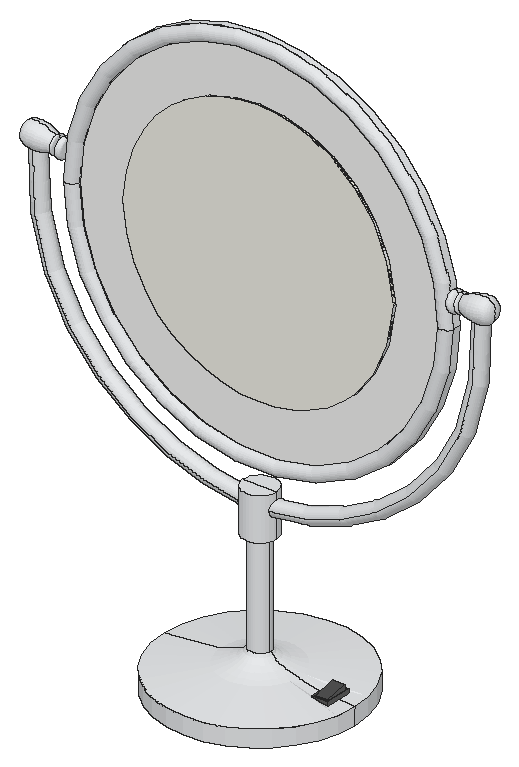
Revit family "DMMR0024_revit", category Generic Models, Revit 2017
Family settings
  Can host rebar = No
  Round Connector Dimension = Use Diameter
  Part Type = Normal
  Work Plane-Based = No
  Always vertical = Yes
  Cut with Voids When Loaded = No
  Shared = No
  Room Calculation Point = No
Parameters
  Website = "https://dolphy.in/"  # constant formula
  Contact number = "info@dolphy.in"  # constant formula
  Contact email = "+91 9520202035"  # constant formula
  Company name = "Dolphy India"  # constant formula
Reference planes
  plane 1 "Center (Front/Back)": y = 0
  plane 2: z = 0
  plane 3 "Center (Left/Right)": x = 0
Forms (mm)
  Sweep 1, solid, material "Dolphy_CHROME"
    path origin (-1.25, 0, -467.481) x (1, 0, 0) y (0, 0, 1)
      loop
        spline (-114.8, 682.245) -> (-114.712, 661.829) -> (-111.91, 643.348) -> (-106.721, 626.76) -> (-99.476, 612.02) -> (-90.502, 599.085) -> (-80.128, 587.909) -> (-68.683, 578.45) -> (-56.494, 570.662) -> (-43.891, 564.503) -> (-31.201, 559.928) -> (-18.754, 556.893) -> (-6.878, 555.354)
    profile origin (-81.378, 0, 120.428) x (0.685031, 0, 0.728514) y (0, -1, 0)
      loop
        circle (-0.129, 0) r 4
  Revolve 2, solid, material "Dolphy_CHROME"
    sketch origin (0, 0, -472.169) x (1, 0, 0) y (0, 0, 1)
      loop
        line (-8.7, 567.584) -> (-8.7, 545.519) -> (0, 545.519) -> (0, 567.584) -> (-8.7, 567.584)
      axis (0, 567.584) -> (0, 545.519)
    angle from 0 to 360
  Revolve 3, solid, material "Dolphy_CHROME"
    sketch origin (0, 0, -476.856) x (1, 0, 0) y (0, 0, 1)
      loop
        line (0, 551.024) -> (-5.461, 551.024) -> (-5.461, 495.933) -> (0, 495.933) -> (0, 551.024)
      axis (0, 551.024) -> (0, 495.933)
    angle from 0 to 360
  Sweep 4, solid, material "Dolphy_CHROME"
    path origin (0, 0, -571.231) x (1, 0, 0) y (0, 0, 1)
      loop
        circle (0, 776.231) r 100
    profile origin (0, 0, 305) x (0, 0, -1) y (0, -1, 0)
      loop
        line (-2.025, 0) -> (-2.025, -3.634) -> (5.491, -3.634) -> (5.491, 0)
        arc (5.491, 0) -> (1.733, 3.758) -> (-2.025, 0) r 3.758
  Extrusion 5, solid, material "Dolphy_CERAMIC"
    sketch origin (0, 0, -571.231) x (1, 0, 0) y (0, 0, 1)
      loop
        spline (0, 846.231) -> (-7.379, 845.831) -> (-15.023, 844.598) -> (-22.774, 842.488) -> (-30.473, 839.455) -> (-37.964, 835.454) -> (-45.088, 830.44) -> (-51.686, 824.367) -> (-57.6, 817.189) -> (-62.673, 808.862) -> (-66.746, 799.34) -> (-69.662, 788.578) -> (-71.261, 776.53)
        spline (-71.261, 776.53) -> (-69.662, 764.482) -> (-66.746, 753.719) -> (-62.673, 744.197) -> (-57.6, 735.87) -> (-51.686, 728.693) -> (-45.088, 722.62) -> (-37.964, 717.606) -> (-30.473, 713.605) -> (-22.774, 710.572) -> (-15.023, 708.462) -> (-7.379, 707.229) -> (0, 706.828)
        spline (0, 706.828) -> (7.379, 707.229) -> (15.023, 708.462) -> (22.774, 710.572) -> (30.473, 713.605) -> (37.964, 717.606) -> (45.088, 722.62) -> (51.686, 728.693) -> (57.6, 735.87) -> (62.673, 744.197) -> (66.746, 753.719) -> (69.662, 764.482) -> (71.261, 776.53)
        spline (71.261, 776.53) -> (69.662, 788.578) -> (66.746, 799.34) -> (62.673, 808.862) -> (57.6, 817.189) -> (51.686, 824.367) -> (45.088, 830.44) -> (37.964, 835.454) -> (30.473, 839.455) -> (22.774, 842.488) -> (15.023, 844.598) -> (7.379, 845.831) -> (0, 846.231)
    from -0.029 to 1.144
  Revolve 6, solid, material "Dolphy_CHROME"
    sketch origin (0, 0, -458.731) x (1, 0, 0) y (0, 0, 1)
      loop
        spline (-5, 479.093) -> (-6.703, 476.5) -> (-9.656, 474.448) -> (-13.347, 472.854) -> (-17.265, 471.634) -> (-20.899, 470.707) -> (-23.972, 469.996) -> (-26.776, 469.452) -> (-29.689, 469.024) -> (-33.09, 468.664) -> (-37.356, 468.323) -> (-42.867, 467.952) -> (-50, 467.502)
        line (-50, 467.502) -> (-50, 458.731) -> (0, 458.731) -> (0, 479.093) -> (-5, 479.093)
      axis (0, 458.731) -> (0, 479.093)
    angle from 0 to 360
  Revolve 7, solid, material "Dolphy_CHROME"
    sketch origin (-60.529, 0, -576.571) x (0.996195, 0, -0.087156) y (0.087156, 0, 0.996195)
      loop
        spline (-115.839, 790.46) -> (-116.244, 792.182) -> (-117.616, 792.825) -> (-119.466, 793.445) -> (-121.091, 793.923) -> (-122.444, 794.234) -> (-123.631, 794.396) -> (-124.829, 794.488) -> (-126.2, 794.522) -> (-127.862, 794.354) -> (-129.817, 793.727) -> (-131.531, 791.938) -> (-132.307, 788.146)
        line (-132.307, 788.146) -> (-109.755, 788.146)
        spline (-109.755, 788.146) -> (-109.76, 790.854) -> (-109.799, 792.029) -> (-109.91, 792.453) -> (-110.112, 792.737) -> (-110.384, 792.944) -> (-110.762, 793.125) -> (-111.26, 793.306) -> (-111.807, 793.365) -> (-112.325, 793.16) -> (-112.839, 792.575) -> (-113.436, 791.51) -> (-114.201, 789.864)
        spline (-114.201, 789.864) -> (-114.159, 790.961) -> (-114.165, 791.793) -> (-114.226, 792.369) -> (-114.345, 792.699) -> (-114.521, 792.835) -> (-114.743, 792.864) -> (-115.001, 792.86) -> (-115.268, 792.787) -> (-115.506, 792.553) -> (-115.687, 792.088) -> (-115.8, 791.387) -> (-115.839, 790.46)
      axis (-132.307, 788.146) -> (-109.755, 788.146)
    angle from 0 to 360
  Sweep 8, solid, material "Dolphy_CHROME"
    path origin (1.25, 0, -467.481) x (-1, 0, 0) y (0, 0, 1)
      loop
        spline (-114.8, 682.245) -> (-114.712, 661.829) -> (-111.91, 643.348) -> (-106.721, 626.76) -> (-99.476, 612.02) -> (-90.502, 599.085) -> (-80.128, 587.909) -> (-68.683, 578.45) -> (-56.494, 570.662) -> (-43.891, 564.503) -> (-31.201, 559.928) -> (-18.754, 556.893) -> (-6.878, 555.354)
    profile origin (81.378, 0, 120.428) x (0.685031, 0, -0.728514) y (0, -1, 0)
      loop
        circle (0.129, 0) r 4
  Extrusion 9, solid, material "Dolphy_WHITE"
    sketch origin (0, 0, -571.231) x (1, 0, 0) y (0, 0, 1)
      loop
        circle (0, 776.231) r 94.509
    from -3.634 to -0.029
  Extrusion 10, solid, material "Dolphy_BLACK"
    sketch origin (0, 0, 0) x (1, 0, 0) y (0, 1, 0)
      loop
        line (32.713, 7.053) -> (32.713, -6.78) -> (41.224, -6.78) -> (41.224, 7.053) -> (32.713, 7.053)
    from 0 to 10.999
  Extrusion 11, void
    sketch origin (0, 0, 10.999) x (0, 1, 0) y (1, 0, 0)
      loop
        line (6.053, 33.713) -> (6.053, 40.224) -> (-5.78, 40.224) -> (-5.78, 33.713) -> (6.053, 33.713)
    from 0 to 3.866
  Extrusion 12, solid, material "Dolphy_BLACK"
    sketch origin (0, 0, 10.999) x (1, 0, 0) y (0, 1, 0)
      loop
        line (40.079, 5.925) -> (33.841, 5.925) -> (33.841, -5.636) -> (40.079, -5.636) -> (40.079, 5.925)
    from -5.045 to 2.106
  Extrusion 13, void
    sketch origin (40.079, -5.78, 10.999) x (0, -1, 0) y (0, 0, 1)
      loop
        line (-0.144, 0.026) -> (-0.144, 2.106) -> (-11.705, 2.106) -> (-0.144, 0.026)
    from 0 to 6.366
  Revolve 14, solid, material "Dolphy_CHROME"
    sketch origin (60.529, 0, -576.571) x (-0.996195, 0, -0.087156) y (-0.087156, 0, 0.996195)
      loop
        spline (-115.839, 790.46) -> (-116.244, 792.182) -> (-117.616, 792.825) -> (-119.466, 793.445) -> (-121.091, 793.923) -> (-122.444, 794.234) -> (-123.631, 794.396) -> (-124.829, 794.488) -> (-126.2, 794.522) -> (-127.862, 794.354) -> (-129.817, 793.727) -> (-131.531, 791.938) -> (-132.307, 788.146)
        line (-132.307, 788.146) -> (-109.755, 788.146)
        spline (-109.755, 788.146) -> (-109.76, 790.854) -> (-109.799, 792.029) -> (-109.91, 792.453) -> (-110.112, 792.737) -> (-110.384, 792.944) -> (-110.762, 793.125) -> (-111.26, 793.306) -> (-111.807, 793.365) -> (-112.325, 793.16) -> (-112.839, 792.575) -> (-113.436, 791.51) -> (-114.201, 789.864)
        spline (-114.201, 789.864) -> (-114.159, 790.961) -> (-114.165, 791.793) -> (-114.226, 792.369) -> (-114.345, 792.699) -> (-114.521, 792.835) -> (-114.743, 792.864) -> (-115.001, 792.86) -> (-115.268, 792.787) -> (-115.506, 792.553) -> (-115.687, 792.088) -> (-115.8, 791.387) -> (-115.839, 790.46)
      axis (-132.307, 788.146) -> (-109.755, 788.146)
    angle from 0 to 360
Cuts and joins
  Extrusion 11, Extrusion 13 cuts Revolve 6
  Extrusion 11 cuts Extrusion 10
  Extrusion 13 cuts Extrusion 12
  joined: Sweep 1, Revolve 2, Revolve 3, Revolve 7, Sweep 8, Revolve 14
Dimensions and locks
  aligned and locked: level to plane 2
